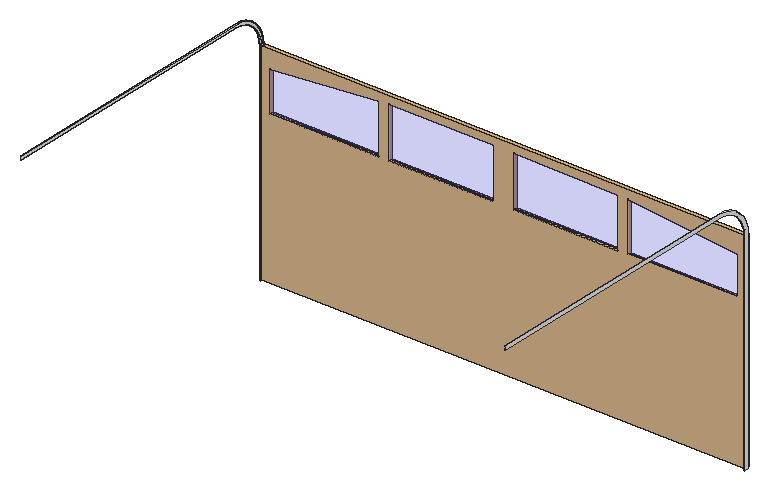
Revit family
Parameters (values of type "7Ft H x 16Ft W")
  Track Width = Width + 0' 2"  # 16' - 2"
  Track Height = Height + 1' 0"  # 8' - 0"
  Track Depth = 10' - 0"
  Track = Metal
  SmartBIM Object Version = 1  # constant formula
  SmartBIM Object Created By = "Reed Construction Data"  # constant formula
  Rough Width = 0' - 0"
  Rough Height = 0' - 0"
  Panel Thickness = 0' - 1 1/2"
  Manufacturer = ""
  Height = 7' - 0"
  Wall Closure = (empty or 0)
  Width = 16' - 0"
  Door Glass = Glass
  Door = Wood
  95 CSI = "08360"  # constant formula
  04 CSI = "08 36 13"  # constant formula
Types (3): name | Track Width | Width
  (no name) | 16' - 2" | 16' - 0"
  7Ft H x 8Ft W | 8' - 2" | 8' - 0"
  7Ft H x 16Ft W | 16' - 2" | 16' - 0"
Reference planes (in)
  plane 1 "Center (Front/Back)": y = 0
  plane 2 "Center (Left/Right)": x = 0
  plane 3 "Left": x = -96
  plane 4 "Right": x = 96
  plane 5 "Top": z = 84
  plane 6: x = -97
  plane 7: x = 97
  plane 8: y = -3.25
  plane 9: z = 60.75
  plane 10: z = 39.16667
  plane 11: z = 81
  plane 12: y = -2.5
  plane 13: y = -2.5
  plane 14 "Ext": y = -3.25
  plane 15: y = -2.5
  plane 16 "Int": y = -1.75
  plane 17: z = 77
  plane 18: x = 94
  plane 19: x = -94
  plane 20: x = 4
  plane 21: x = 50
  plane 22: z = 73
  plane 23: x = -4
  plane 24: x = -50
  plane 25: z = 58.75
  plane 26: z = 40.16667
  plane 27: z = 38.16667
  plane 28: z = 1
  plane 29: y = -3
  plane 30: z = 19.58333
  plane 31: z = 20.58333
  plane 32: z = 18.58333
  plane 33: z = 58.25
  plane 34: x = 50.5
  plane 35: x = 93.5
  plane 36: x = 4.5
  plane 37: x = 46
  plane 38: x = -4.5
  plane 39: x = -46
  plane 40: x = -50
  plane 41: x = -94
Forms (in)
  Extrusion 1, solid, material "Wood" <- "Door"
    sketch origin (0, 0, 0) x (1, 0, 0) y (0, 0, 1)
      loop
        line (-97, 84) -> (-97, 0) -> (97, 0) -> (97, 84) -> (-97, 84)
      loop
        line (94, 60.75) -> (94, 76.44004)
        arc (94, 76.44004) -> (72.03839, 78.89795) -> (50, 80.52979) r 588.64238
        line (50, 80.52979) -> (50, 60.75) -> (94, 60.75)
      loop
        arc (46, 80.7282) -> (25.00474, 81.36858) -> (4, 81.25947) r 588.63367
        line (4, 81.25947) -> (4, 60.75) -> (46, 60.75) -> (46, 80.7282)
      loop
        line (-46, 80.97978) -> (-46, 60.75) -> (-4, 60.75) -> (-4, 81.29293)
        arc (-4, 81.29293) -> (-25.00279, 81.51101) -> (-46, 80.97978) r 588.74538
      loop
        line (-94, 60.75) -> (-50, 60.75) -> (-50, 80.79351)
        arc (-50, 80.79351) -> (-72.03619, 79.27735) -> (-94, 76.93565) r 588.74538
        line (-94, 76.93565) -> (-94, 60.75)
    from 1.75 to 3.25
  Extrusion 2, solid, material "Glass" <- "Door Glass"
    sketch origin (0, -12.25, 0) x (1, 0, 0) y (0, 0, 1)
      loop
        arc (94, 76.44004) -> (72.03839, 78.89795) -> (50, 80.52979) r 588.64238
        line (50, 80.52979) -> (50, 60.75) -> (94, 60.75) -> (94, 76.44004)
      loop
        arc (46, 80.7282) -> (25.00474, 81.36858) -> (4, 81.25947) r 588.63367
        line (4, 81.25947) -> (4, 60.75) -> (46, 60.75) -> (46, 80.7282)
      loop
        arc (-4, 81.29293) -> (-25.00279, 81.51101) -> (-46, 80.97978) r 588.74538
        line (-46, 80.97978) -> (-46, 60.75) -> (-4, 60.75) -> (-4, 81.29293)
      loop
        arc (-50, 80.79351) -> (-72.03619, 79.27735) -> (-94, 76.93565) r 588.74538
        line (-94, 76.93565) -> (-94, 60.75) -> (-50, 60.75) -> (-50, 80.79351)
    from -9.75 to -9.25
Lines and regions (in)
  Opening 1
    outline origin (-90, -1.75, 0) x (1, 0, 0) y (0, 0, 1)
      loop
        line (-6, 0) -> (186, 0) -> (186, 84) -> (-6, 84) -> (-6, 0)
  model lines
    curve 1: line (46.5, -1.75, 80.7282) -> (46.5, -1.75, 60.75)
    curve 2: line (-46.5, -1.75, 60.75) -> (-46.5, -1.75, 80.86093)
    curve 3: line (93.5, -1.75, 58.25) -> (50.5, -1.75, 58.25)
    curve 4: line (93.5, -1.75, 40.16667) -> (93.5, -1.75, 58.25)
    curve 5: line (50.5, -1.75, 40.16667) -> (93.5, -1.75, 40.16667)
    curve 6: line (50.5, -1.75, 58.25) -> (50.5, -1.75, 40.16667)
    curve 7: line (46, -1.75, 40.16667) -> (4.5, -1.75, 40.16667)
    curve 8: line (46, -1.75, 58.25) -> (46, -1.75, 40.16667)
    curve 9: line (4.5, -1.75, 58.25) -> (46, -1.75, 58.25)
    curve 10: line (4.5, -1.75, 40.16667) -> (4.5, -1.75, 58.25)
    curve 11: line (46, -1.75, 38.16667) -> (4.5, -1.75, 38.16667)
    curve 12: line (46, -1.75, 20.58333) -> (46, -1.75, 38.16667)
    curve 13: line (4.5, -1.75, 20.58333) -> (46, -1.75, 20.58333)
    curve 14: line (4.5, -1.75, 38.16667) -> (4.5, -1.75, 20.58333)
    curve 15: line (93.5, -1.75, 38.16667) -> (50.5, -1.75, 38.16667)
    curve 16: line (93.5, -1.75, 20.58333) -> (93.5, -1.75, 38.16667)
    curve 17: line (50.5, -1.75, 20.58333) -> (93.5, -1.75, 20.58333)
    curve 18: line (50.5, -1.75, 38.16667) -> (50.5, -1.75, 20.58333)
    curve 19: line (-4.5, -1.75, 20.58333) -> (-46, -1.75, 20.58333)
    curve 20: line (-4.5, -1.75, 38.16667) -> (-4.5, -1.75, 20.58333)
    curve 21: line (-46, -1.75, 38.16667) -> (-4.5, -1.75, 38.16667)
    curve 22: line (-46, -1.75, 20.58333) -> (-46, -1.75, 38.16667)
    curve 23: line (-50, -1.75, 58.25) -> (-94, -1.75, 58.25)
    curve 24: line (-50, -1.75, 40.16667) -> (-50, -1.75, 58.25)
    curve 25: line (-94, -1.75, 40.16667) -> (-50, -1.75, 40.16667)
    curve 26: line (-94, -1.75, 58.25) -> (-94, -1.75, 40.16667)
    curve 27: line (-50, -1.75, 20.58333) -> (-94, -1.75, 20.58333)
    curve 28: line (-50, -1.75, 38.16667) -> (-50, -1.75, 20.58333)
    curve 29: line (-94, -1.75, 38.16667) -> (-50, -1.75, 38.16667)
    curve 30: line (-94, -1.75, 20.58333) -> (-94, -1.75, 38.16667)
    curve 31: line (-50, -1.75, 1) -> (-94, -1.75, 1)
    curve 32: line (-50, -1.75, 18.58333) -> (-50, -1.75, 1)
    curve 33: line (-94, -1.75, 18.58333) -> (-50, -1.75, 18.58333)
    curve 34: line (-94, -1.75, 1) -> (-94, -1.75, 18.58333)
    curve 35: line (-46, -1.75, 1) -> (-4.5, -1.75, 1)
    curve 36: line (-46, -1.75, 18.58333) -> (-46, -1.75, 1)
    curve 37: line (-4.5, -1.75, 18.58333) -> (-46, -1.75, 18.58333)
    curve 38: line (-4.5, -1.75, 1) -> (-4.5, -1.75, 18.58333)
    curve 39: line (46, -1.75, 1) -> (4.5, -1.75, 1)
    curve 40: line (46, -1.75, 18.58333) -> (46, -1.75, 1)
    curve 41: line (4.5, -1.75, 18.58333) -> (46, -1.75, 18.58333)
    curve 42: line (4.5, -1.75, 1) -> (4.5, -1.75, 18.58333)
    curve 43: line (50.5, -1.75, 1) -> (93.5, -1.75, 1)
    curve 44: line (50.5, -1.75, 18.58333) -> (50.5, -1.75, 1)
    curve 45: line (93.5, -1.75, 18.58333) -> (50.5, -1.75, 18.58333)
    curve 46: line (93.5, -1.75, 1) -> (93.5, -1.75, 18.58333)
    curve 47: line (-4.5, -1.75, 40.16667) -> (-46, -1.75, 40.16667)
    curve 48: line (-4.5, -1.75, 58.25) -> (-4.5, -1.75, 40.16667)
    curve 49: line (-46, -1.75, 58.25) -> (-4.5, -1.75, 58.25)
    curve 50: line (-46, -1.75, 40.16667) -> (-46, -1.75, 58.25)
    curve 51: line (93, -1.75, 57.75) -> (51, -1.75, 57.75)
    curve 52: line (51, -1.75, 57.75) -> (51, -1.75, 40.66667)
    curve 53: line (51, -1.75, 40.66667) -> (93, -1.75, 40.66667)
    curve 54: line (93, -1.75, 40.66667) -> (93, -1.75, 57.75)
    curve 55: line (5, -1.75, 57.75) -> (45.5, -1.75, 57.75)
    curve 56: line (45.5, -1.75, 57.75) -> (45.5, -1.75, 40.66667)
    curve 57: line (45.5, -1.75, 40.66667) -> (5, -1.75, 40.66667)
    curve 58: line (5, -1.75, 40.66667) -> (5, -1.75, 57.75)
    curve 59: line (-45.5, -1.75, 57.75) -> (-5, -1.75, 57.75)
    curve 60: line (-5, -1.75, 57.75) -> (-5, -1.75, 40.66667)
    curve 61: line (-5, -1.75, 40.66667) -> (-45.5, -1.75, 40.66667)
    curve 62: line (-45.5, -1.75, 40.66667) -> (-45.5, -1.75, 57.75)
    curve 63: line (-50.5, -1.75, 57.75) -> (-93.5, -1.75, 57.75)
    curve 64: line (-93.5, -1.75, 57.75) -> (-93.5, -1.75, 40.66667)
    curve 65: line (-93.5, -1.75, 40.66667) -> (-50.5, -1.75, 40.66667)
    curve 66: line (-50.5, -1.75, 40.66667) -> (-50.5, -1.75, 57.75)
    curve 67: line (93, -1.75, 37.66667) -> (51, -1.75, 37.66667)
    curve 68: line (51, -1.75, 37.66667) -> (51, -1.75, 21.08333)
    curve 69: line (51, -1.75, 21.08333) -> (93, -1.75, 21.08333)
    curve 70: line (93, -1.75, 21.08333) -> (93, -1.75, 37.66667)
    curve 71: line (93, -1.75, 18.08333) -> (51, -1.75, 18.08333)
    curve 72: line (51, -1.75, 18.08333) -> (51, -1.75, 1.5)
    curve 73: line (51, -1.75, 1.5) -> (93, -1.75, 1.5)
    curve 74: line (93, -1.75, 1.5) -> (93, -1.75, 18.08333)
    curve 75: line (45.5, -1.75, 37.66667) -> (5, -1.75, 37.66667)
    curve 76: line (5, -1.75, 37.66667) -> (5, -1.75, 21.08333)
    curve 77: line (5, -1.75, 21.08333) -> (45.5, -1.75, 21.08333)
    curve 78: line (45.5, -1.75, 21.08333) -> (45.5, -1.75, 37.66667)
    curve 79: line (5, -1.75, 18.08333) -> (45.5, -1.75, 18.08333)
    curve 80: line (45.5, -1.75, 18.08333) -> (45.5, -1.75, 1.5)
    curve 81: line (45.5, -1.75, 1.5) -> (5, -1.75, 1.5)
    curve 82: line (5, -1.75, 1.5) -> (5, -1.75, 18.08333)
    curve 83: line (-45.5, -1.75, 37.66667) -> (-5, -1.75, 37.66667)
    curve 84: line (-5, -1.75, 37.66667) -> (-5, -1.75, 21.08333)
    curve 85: line (-5, -1.75, 21.08333) -> (-45.5, -1.75, 21.08333)
    curve 86: line (-45.5, -1.75, 21.08333) -> (-45.5, -1.75, 37.66667)
    curve 87: line (-5, -1.75, 18.08333) -> (-45.5, -1.75, 18.08333)
    curve 88: line (-45.5, -1.75, 18.08333) -> (-45.5, -1.75, 1.5)
    curve 89: line (-45.5, -1.75, 1.5) -> (-5, -1.75, 1.5)
    curve 90: line (-5, -1.75, 1.5) -> (-5, -1.75, 18.08333)
    curve 91: line (-93.5, -1.75, 37.66667) -> (-50.5, -1.75, 37.66667)
    curve 92: line (-50.5, -1.75, 37.66667) -> (-50.5, -1.75, 21.08333)
    curve 93: line (-50.5, -1.75, 21.08333) -> (-93.5, -1.75, 21.08333)
    curve 94: line (-93.5, -1.75, 21.08333) -> (-93.5, -1.75, 37.66667)
    curve 95: line (-93.5, -1.75, 18.08333) -> (-50.5, -1.75, 18.08333)
    curve 96: line (-50.5, -1.75, 18.08333) -> (-50.5, -1.75, 1.5)
    curve 97: line (-50.5, -1.75, 1.5) -> (-93.5, -1.75, 1.5)
    curve 98: line (-93.5, -1.75, 1.5) -> (-93.5, -1.75, 18.08333)
    curve 99: line (-50.5, -3.25, 57.75) -> (-93.5, -3.25, 57.75)
    curve 100: line (-93.5, -3.25, 57.75) -> (-93.5, -3.25, 40.66667)
    curve 101: line (-93.5, -3.25, 40.66667) -> (-50.5, -3.25, 40.66667)
    curve 102: line (-50.5, -3.25, 40.66667) -> (-50.5, -3.25, 57.75)
    curve 103: line (-50, -3.25, 58.25) -> (-94, -3.25, 58.25)
    curve 104: line (-94, -3.25, 58.25) -> (-94, -3.25, 40.16667)
    curve 105: line (-94, -3.25, 40.16667) -> (-50, -3.25, 40.16667)
    curve 106: line (-50, -3.25, 40.16667) -> (-50, -3.25, 58.25)
    curve 107: line (-45.5, -3.25, 57.75) -> (-5, -3.25, 57.75)
    curve 108: line (-5, -3.25, 57.75) -> (-5, -3.25, 40.66667)
    curve 109: line (-5, -3.25, 40.66667) -> (-45.5, -3.25, 40.66667)
    curve 110: line (-45.5, -3.25, 40.66667) -> (-45.5, -3.25, 57.75)
    curve 111: line (-46, -3.25, 58.25) -> (-4.5, -3.25, 58.25)
    curve 112: line (5, -3.25, 57.75) -> (45.5, -3.25, 57.75)
    curve 113: line (45.5, -3.25, 57.75) -> (45.5, -3.25, 40.66667)
    curve 114: line (45.5, -3.25, 40.66667) -> (5, -3.25, 40.66667)
    curve 115: line (5, -3.25, 40.66667) -> (5, -3.25, 57.75)
    curve 116: line (4.5, -3.25, 58.25) -> (46, -3.25, 58.25)
    curve 117: line (46, -3.25, 58.25) -> (46, -3.25, 40.16667)
    curve 118: line (46, -3.25, 40.16667) -> (4.5, -3.25, 40.16667)
    curve 119: line (4.5, -3.25, 40.16667) -> (4.5, -3.25, 58.25)
    curve 120: line (93, -3.25, 57.75) -> (51, -3.25, 57.75)
    curve 121: line (51, -3.25, 57.75) -> (51, -3.25, 40.66667)
    curve 122: line (51, -3.25, 40.66667) -> (93, -3.25, 40.66667)
    curve 123: line (93, -3.25, 40.66667) -> (93, -3.25, 57.75)
    curve 124: line (93.5, -3.25, 58.25) -> (50.5, -3.25, 58.25)
    curve 125: line (50.5, -3.25, 58.25) -> (50.5, -3.25, 40.16667)
    curve 126: line (50.5, -3.25, 40.16667) -> (93.5, -3.25, 40.16667)
    curve 127: line (93.5, -3.25, 40.16667) -> (93.5, -3.25, 58.25)
    curve 128: line (93, -3.25, 37.66667) -> (51, -3.25, 37.66667)
    curve 129: line (51, -3.25, 37.66667) -> (51, -3.25, 21.08333)
    curve 130: line (51, -3.25, 21.08333) -> (93, -3.25, 21.08333)
    curve 131: line (93, -3.25, 21.08333) -> (93, -3.25, 37.66667)
    curve 132: line (93.5, -3.25, 38.16667) -> (50.5, -3.25, 38.16667)
    curve 133: line (50.5, -3.25, 38.16667) -> (50.5, -3.25, 20.58333)
    curve 134: line (50.5, -3.25, 20.58333) -> (93.5, -3.25, 20.58333)
    curve 135: line (93.5, -3.25, 20.58333) -> (93.5, -3.25, 38.16667)
    curve 136: line (46, -3.25, 38.16667) -> (4.5, -3.25, 38.16667)
    curve 137: line (4.5, -3.25, 38.16667) -> (4.5, -3.25, 20.58333)
    curve 138: line (4.5, -3.25, 20.58333) -> (46, -3.25, 20.58333)
    curve 139: line (46, -3.25, 20.58333) -> (46, -3.25, 38.16667)
    curve 140: line (45.5, -3.25, 37.66667) -> (5, -3.25, 37.66667)
    curve 141: line (5, -3.25, 37.66667) -> (5, -3.25, 21.08333)
    curve 142: line (5, -3.25, 21.08333) -> (45.5, -3.25, 21.08333)
    curve 143: line (45.5, -3.25, 21.08333) -> (45.5, -3.25, 37.66667)
    curve 144: line (-45.5, -3.25, 37.66667) -> (-5, -3.25, 37.66667)
    curve 145: line (-5, -3.25, 37.66667) -> (-5, -3.25, 21.08333)
    curve 146: line (-5, -3.25, 21.08333) -> (-45.5, -3.25, 21.08333)
    curve 147: line (-45.5, -3.25, 21.08333) -> (-45.5, -3.25, 37.66667)
    curve 148: line (-46, -3.25, 38.16667) -> (-4.5, -3.25, 38.16667)
    curve 149: line (-4.5, -3.25, 38.16667) -> (-4.5, -3.25, 20.58333)
    curve 150: line (-4.5, -3.25, 20.58333) -> (-46, -3.25, 20.58333)
    curve 151: line (-46, -3.25, 20.58333) -> (-46, -3.25, 38.16667)
    curve 152: line (-93.5, -3.25, 37.66667) -> (-50.5, -3.25, 37.66667)
    curve 153: line (-50.5, -3.25, 37.66667) -> (-50.5, -3.25, 21.08333)
    curve 154: line (-50.5, -3.25, 21.08333) -> (-93.5, -3.25, 21.08333)
    curve 155: line (-93.5, -3.25, 21.08333) -> (-93.5, -3.25, 37.66667)
    curve 156: line (-94, -3.25, 38.16667) -> (-50, -3.25, 38.16667)
    curve 157: line (-50, -3.25, 38.16667) -> (-50, -3.25, 20.58333)
    curve 158: line (-50, -3.25, 20.58333) -> (-94, -3.25, 20.58333)
    curve 159: line (-94, -3.25, 20.58333) -> (-94, -3.25, 38.16667)
Text (in)
  text "Exterior" at (-74.96733, 27.31104, 0), in view "Ref. Level"
  text "Interior" at (-76.69036, -30.31274, 0), in view "Ref. Level"
  text "Exterior" at (0, 40.15149, 123.01588), in view "Right"
  text "Interior" at (0, -64.39139, 123.01588), in view "Right"
  text "Interior" at (0, -31.01599, 123.00693), in view "Left"
  text "Exterior" at (0, 54.57065, 123.00693), in view "Left"
Dimensions and locks (in)
  equal spacing: plane 3 "Left", plane 2 "Center (Left/Right)", plane 4 "Right"
  "Height": level to plane 5 "Top"
  "Width": plane 3 "Left" to plane 4 "Right"
  locked: plane 6 to plane 3 "Left" at 1
  locked: plane 4 "Right" to plane 7 at 1
  locked: plane 11 to plane 5 "Top" at 3
  host wall to plane 12 to plane 8 = 0' - 0 3/4", 0' - 0 3/4"
  equal spacing: plane 14 "Ext", plane 15, plane 16 "Int"
  "Panel Thickness": plane 16 "Int" to plane 14 "Ext"
  locked: plane 17 to plane 11 at 4
  locked: plane 18 to plane 4 "Right" at 2
  locked: plane 3 "Left" to plane 19 at 2
  locked: Extrusion 1 sketch curve to plane 11 at 0.47021
  locked: Extrusion 1 sketch curve to plane 21 at 4
  locked: plane 20 to plane 2 "Center (Left/Right)" at 4
  locked: plane 22 to plane 17 at 4
  locked: plane 2 "Center (Left/Right)" to plane 23 at 4
  locked: Extrusion 1 sketch curve to Extrusion 1 sketch curve at 2.70707
  locked: Extrusion 1 sketch curve to plane 24 at 4
  locked: plane 25 to plane 9 at 2
  locked: plane 9 to plane 11 at 20.25
  locked: plane 10 to plane 26 at 1
  locked: plane 27 to plane 10 at 1
  locked: plane 28 to level at 1
  locked: Extrusion 2 to Extrusion 2 at 0.5
  locked: plane 29 to plane 15 at 0.5
  locked: plane 30 to plane 31 at 1
  locked: plane 32 to plane 30 at 1
  equal spacing: level, plane 30, plane 10, plane 25
  equal spacing: plane 20, plane 21, plane 4 "Right"
  equal spacing: plane 23, plane 24, plane 3 "Left"
  plane 40 to Extrusion 1 = 0' - 0"
  locked: plane 23 to plane 38 at 0.5
  locked: plane 20 to plane 36 at 0.5
  Extrusion 1 to plane 37 = 0' - 0"
  locked: plane 21 to plane 34 at 0.5
  locked: plane 35 to plane 18 at 0.5
  Extrusion 1 to plane 39 = 0' - 0"
  locked: plane 41 to curve 98 at 0.5
  locked: plane 28 to curve 97 at 0.5
  locked: plane 40 to curve 96 at 0.5
  locked: plane 39 to curve 88 at 0.5
  locked: curve 90 to plane 38 at 0.5
  locked: plane 36 to curve 82 at 0.5
  locked: plane 28 to curve 89 at 0.5
  locked: curve 95 to plane 32 at 0.5
  locked: curve 87 to plane 32 at 0.5
  locked: curve 79 to plane 32 at 0.5
  locked: plane 28 to curve 81 at 0.5
  locked: curve 71 to plane 32 at 0.5
  locked: plane 28 to curve 73 at 0.5
  locked: curve 74 to plane 35 at 0.5
  locked: plane 37 to curve 80 at 0.5
  locked: plane 37 to curve 78 at 0.5
  locked: plane 34 to curve 68 at 0.5
  locked: curve 70 to plane 35 at 0.5
  locked: curve 54 to plane 35 at 0.5
  locked: curve 51 to plane 33 at 0.5
  locked: curve 55 to plane 33 at 0.5
  locked: curve 59 to plane 33 at 0.5
  locked: curve 63 to plane 33 at 0.5
  locked: plane 41 to curve 64 at 0.5
  locked: plane 40 to curve 66 at 0.5
  locked: plane 39 to curve 62 at 0.5
  locked: curve 60 to plane 38 at 0.5
  locked: plane 36 to curve 58 at 0.5
  locked: plane 37 to curve 56 at 0.5
  locked: plane 34 to curve 52 at 0.5
  locked: plane 36 to curve 76 at 0.5
  locked: Extrusion 1 sketch curve to Extrusion 1 sketch curve at 2.74053
  locked: Extrusion 1 sketch curve to Extrusion 1 sketch curve at 3.20649
  locked: plane 37 to plane 21 at 4
  locked: plane 24 to plane 39 at 4
  aligned and locked: plane 3 "Left" to Opening 1 sketch curve
  aligned and locked: plane 5 "Top" to Opening 1 sketch curve
  aligned and locked: Opening 1 sketch curve to plane 5 "Top"
  aligned and locked: Opening 1 sketch curve to plane 4 "Right"
  aligned and locked: Opening 1 sketch curve to level
  aligned and locked: Extrusion 1 sketch curve to plane 6
  aligned and locked: Extrusion 1 sketch curve to plane 7
  aligned and locked: Extrusion 1 sketch curve to level
  aligned and locked: Extrusion 1 sketch curve to host wall
  aligned and locked: plane 12 to plane 13
  aligned and locked: host wall to plane 16 "Int"
  aligned and locked: plane 13 to plane 15
  aligned and locked: plane 14 "Ext" to Extrusion 1
  aligned and locked: Extrusion 1 to host wall
  aligned and locked: plane 9 to Extrusion 1 sketch curve  (x4)
  aligned and locked: Extrusion 1 sketch curve to plane 18
  aligned and locked: plane 21 to Extrusion 1 sketch curve
  aligned and locked: Extrusion 1 sketch curve to plane 20
  aligned and locked: plane 23 to Extrusion 1 sketch curve
  aligned and locked: Extrusion 1 sketch curve to plane 19
  aligned and locked: plane 24 to Extrusion 1 sketch curve
  aligned and locked: Extrusion 2 to plane 29
  aligned and locked: Extrusion 1 sketch curve to Extrusion 1 sketch curve
  aligned and locked: Extrusion 2 sketch curve to Extrusion 1  (x16)
  aligned and locked: plane 35 to curve 3
  aligned and locked: plane 33 to curve 3
  aligned and locked: plane 26 to curve 6
  aligned and locked: plane 34 to curve 6
  aligned and locked: plane 37 to curve 7
  aligned and locked: plane 26 to curve 7
  aligned and locked: plane 33 to curve 10
  aligned and locked: curve 10 to plane 36
  aligned and locked: plane 37 to curve 11
  aligned and locked: plane 27 to curve 11
  aligned and locked: plane 31 to curve 14
  aligned and locked: plane 36 to curve 14
  aligned and locked: plane 35 to curve 15
  aligned and locked: plane 27 to curve 15
  aligned and locked: plane 31 to curve 18
  aligned and locked: plane 34 to curve 18
  aligned and locked: plane 38 to curve 19
  aligned and locked: plane 31 to curve 19
  aligned and locked: plane 27 to curve 22
  aligned and locked: curve 22 to plane 39
  aligned and locked: plane 40 to curve 23
  aligned and locked: plane 33 to curve 23
  aligned and locked: plane 26 to curve 26
  aligned and locked: plane 41 to curve 26
  aligned and locked: plane 40 to curve 27
  aligned and locked: plane 31 to curve 27
  aligned and locked: plane 27 to curve 30
  aligned and locked: curve 30 to plane 41
  aligned and locked: plane 40 to curve 31
  aligned and locked: plane 28 to curve 31
  aligned and locked: curve 34 to plane 41
  aligned and locked: plane 39 to curve 35
  aligned and locked: curve 35 to plane 28
  aligned and locked: plane 32 to curve 38
  aligned and locked: curve 38 to plane 38
  aligned and locked: plane 37 to curve 39
  aligned and locked: plane 28 to curve 39
  aligned and locked: plane 32 to curve 42
  aligned and locked: curve 42 to plane 36
  aligned and locked: plane 34 to curve 43
  aligned and locked: plane 32 to curve 46
  aligned and locked: curve 46 to plane 35
  aligned and locked: plane 38 to curve 47
  aligned and locked: plane 26 to curve 47
  aligned and locked: plane 33 to curve 50
  aligned and locked: curve 50 to plane 39
  aligned and locked: plane 20 to Extrusion 1
  aligned and locked: plane 23 to Extrusion 1
  aligned and locked: plane 24 to Extrusion 1
  aligned and locked: plane 21 to Extrusion 1
  aligned and locked: plane 37 to Extrusion 1
  aligned and locked: plane 39 to Extrusion 1
  aligned and locked: plane 24 to plane 40
  aligned and locked: plane 41 to plane 19
  aligned and locked: curve 99 to curve 63
  aligned and locked: curve 100 to curve 64
  aligned and locked: curve 101 to curve 65
  aligned and locked: curve 102 to curve 66
  aligned and locked: curve 103 to curve 23
  aligned and locked: curve 104 to curve 26
  aligned and locked: curve 105 to curve 25
  aligned and locked: curve 106 to curve 24
  aligned and locked: curve 107 to curve 59
  aligned and locked: curve 108 to curve 60
  aligned and locked: curve 109 to curve 61
  aligned and locked: curve 110 to curve 62
  aligned and locked: curve 111 to curve 49
  aligned and locked: curve 112 to curve 55
  aligned and locked: curve 113 to curve 56
  aligned and locked: curve 114 to curve 57
  aligned and locked: curve 115 to curve 58
  aligned and locked: curve 116 to curve 9
  aligned and locked: curve 117 to curve 8
  aligned and locked: curve 118 to curve 7
  aligned and locked: curve 119 to curve 10
  aligned and locked: curve 120 to curve 51
  aligned and locked: curve 121 to curve 52
  aligned and locked: curve 122 to curve 53
  aligned and locked: curve 123 to curve 54
  aligned and locked: curve 124 to curve 3
  aligned and locked: curve 125 to curve 6
  aligned and locked: curve 126 to curve 5
  aligned and locked: curve 127 to curve 4
  aligned and locked: curve 128 to curve 67
  aligned and locked: curve 129 to curve 68
  aligned and locked: curve 130 to curve 69
  aligned and locked: curve 131 to curve 70
  aligned and locked: curve 132 to curve 15
  aligned and locked: curve 133 to curve 18
  aligned and locked: curve 134 to curve 17
  aligned and locked: curve 135 to curve 16
  aligned and locked: curve 136 to curve 11
  aligned and locked: curve 137 to curve 14
  aligned and locked: curve 138 to curve 13
  aligned and locked: curve 139 to curve 12
  aligned and locked: curve 140 to curve 75
  aligned and locked: curve 141 to curve 76
  aligned and locked: curve 142 to curve 77
  aligned and locked: curve 143 to curve 78
  aligned and locked: curve 144 to curve 83
  aligned and locked: curve 145 to curve 84
  aligned and locked: curve 146 to curve 85
  aligned and locked: curve 147 to curve 86
  aligned and locked: curve 148 to curve 21
  aligned and locked: curve 149 to curve 20
  aligned and locked: curve 150 to curve 19
  aligned and locked: curve 151 to curve 22
  aligned and locked: curve 152 to curve 91
  aligned and locked: curve 153 to curve 92
  aligned and locked: curve 154 to curve 93
  aligned and locked: curve 155 to curve 94
  aligned and locked: curve 156 to curve 29
  aligned and locked: curve 157 to curve 28
  aligned and locked: curve 158 to curve 27
  aligned and locked: curve 159 to curve 30
  aligned and locked: nested 1 to plane 2 "Center (Left/Right)"
  aligned and locked: nested 1 to plane 14 "Ext"
Automatic sketch dimensions
  Extrusion 1 sketch curve to Extrusion 1 sketch curve = 0' - 0"  (x3)
  Extrusion 1 sketch curve to plane 17 = 0' - 0.06435"
  Extrusion 1 sketch curve to plane 11 = 0' - 0.2718"
  curve 2 to plane 9 = 0' - 0"
  curve 1 to plane 9 = 0' - 0"
  curve 44 to plane 28 = 0' - 0"
  curve 34 to plane 32 = 0' - 0"
  curve 94 to plane 41 = 0' - 0 1/2"
  curve 91 to plane 40 = 0' - 0 1/2"
  plane 39 to curve 2 = 0' - 0 1/2"
  curve 86 to plane 39 = 0' - 0 1/2"
  plane 38 to curve 83 = 0' - 0 1/2"
  plane 37 to curve 1 = 0' - 0 1/2"
  curve 73 to plane 34 = 0' - 0 1/2"
  plane 31 to curve 84 = 0' - 0 1/2"
  plane 31 to curve 77 = 0' - 0 1/2"
  plane 31 to curve 93 = 0' - 0 1/2"
  plane 31 to curve 68 = 0' - 0 1/2"
  curve 78 to plane 27 = 0' - 0 1/2"
  curve 92 to plane 27 = 0' - 0 1/2"
  curve 70 to plane 27 = 0' - 0 1/2"
  curve 86 to plane 27 = 0' - 0 1/2"
  plane 26 to curve 53 = 0' - 0 1/2"
  plane 26 to curve 66 = 0' - 0 1/2"
  plane 26 to curve 56 = 0' - 0 1/2"
  plane 26 to curve 62 = 0' - 0 1/2"
  curve 1 to plane 11 = 0' - 0.2718"
  curve 2 to plane 11 = 0' - 0.13907"
  curve 111 to plane 39 = 0' - 0"
  curve 111 to plane 38 = 0' - 0"
Nested families (in)
  nested 1: "Door Track" at (-0.5, -64, 0), Width <- "Track Width", Height <- "Track Height", Depth <- "Track Depth", type "Door Track"
    with Width 16' - 2", Height 8' - 0", Depth 10' - 0"
Definition of nested family "Door Track"
  Parameters
    Width [instance] = 10' - 0"
    Track = Metal
    Height [instance] = 11' - 0"
    Depth [instance] = 10' - 0"
  Reference planes (in)
    plane 1 "Center (Front/Back)": y = 0
    plane 2: z = 0
    plane 3 "Center (Left/Right)": x = 0.5
    plane 4 "Back": y = 60
    plane 5 "Front": y = -60
    plane 6 "Left": x = -59.5
    plane 7 "Right": x = 60.5
    plane 8 "Top": z = 132
    plane 9 "Center (Up/Down)": z = 66
    plane 10: y = 60.75
    plane 11: y = 61.5
  Forms (in)
    Sweep 1, solid, material "Metal" <- "Track"
      path origin (60.5, 60, 48) x (0, 1, 0) y (0, 0, 1)
        loop
          line (0, -48) -> (0, 72)
          arc (0, 72) -> (-3.51472, 80.48528) -> (-12, 84) r 12
          line (-12, 84) -> (-120, 84)
      profile origin (60.5, -6, 132) x (0, 0, -1) y (1, 0, 0)
        loop
          line (-1.5, 0) -> (-1.375, 0) -> (-1.375, 0.375) -> (-0.125, 0.375) -> (-0.125, 0) -> (0, 0) -> (0, 0.5) -> (-1.5, 0.5) -> (-1.5, 0)
    Sweep 2, solid, material "Metal" <- "Track"
      path origin (-59.5, 60, 48) x (0, 1, 0) y (0, 0, 1)
        loop
          line (0, -48) -> (0, 72)
          arc (0, 72) -> (-3.51472, 80.48528) -> (-12, 84) r 12
          line (-12, 84) -> (-120, 84)
      profile origin (-59.5, -6, 132) x (0, 0, -1) y (1, 0, 0)
        loop
          line (-1.5, 0) -> (-1.5, -0.5) -> (0, -0.5) -> (0, 0) -> (-0.125, 0) -> (-0.125, -0.375) -> (-1.375, -0.375) -> (-1.375, 0) -> (-1.5, 0)
  Dimensions and locks (in)
    equal spacing: plane 6 "Left", plane 3 "Center (Left/Right)", plane 7 "Right"
    "Width": plane 6 "Left" to plane 7 "Right"
    equal spacing: plane 4 "Back", plane 1 "Center (Front/Back)", plane 5 "Front"
    "Depth": plane 4 "Back" to plane 5 "Front"
    "Height": plane 8 "Top" to plane 2
    equal spacing: plane 8 "Top", plane 9 "Center (Up/Down)", level
    locked: Sweep 2 sketch curve to Sweep 2 sketch curve at 0.125  (x3)
    locked: Sweep 2 sketch curve to Sweep 2 sketch curve at 0.5  (x2)
    locked: Sweep 2 sketch curve to Sweep 2 sketch curve at 1.5
    locked: Sweep 1 sketch curve to Sweep 1 sketch curve at 0.5  (x2)
    locked: Sweep 1 sketch curve to Sweep 1 sketch curve at 0.125  (x3)
    locked: Sweep 1 sketch curve to Sweep 1 sketch curve at 1.5
    equal spacing: plane 4 "Back", plane 10, plane 11
    locked: plane 10 to plane 11 at 0.75
    radius of Sweep 1 sketch curve = 1' - 0"
    radius of Sweep 2 sketch curve = 1' - 0"
    aligned and locked: plane 8 "Top" to Sweep 1 sketch curve  (x2)
    aligned and locked: plane 5 "Front" to Sweep 1 sketch curve
    aligned and locked: plane 4 "Back" to Sweep 1 sketch curve
    aligned and locked: plane 4 "Back" to Sweep 2 sketch curve
    aligned and locked: plane 5 "Front" to Sweep 2 sketch curve
    aligned and locked: level to Sweep 2 sketch curve
    aligned and locked: Sweep 2 sketch curve to profile plane  (x2)
    aligned and locked: Sweep 1 sketch curve to profile plane
    aligned and locked: plane 11 to Sweep 1
  Automatic sketch dimensions
    Sweep 1 sketch curve to level = 0' - 0"
    Sweep 2 sketch curve to plane 8 "Top" = 0' - 0"
